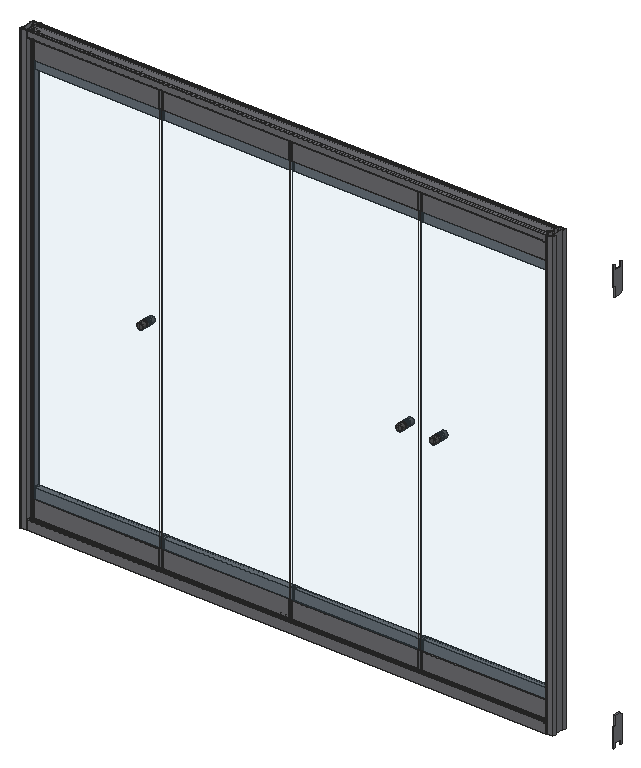
Revit family "QFL4 LH", category Doors, host Wall, Revit 2024 (continued)
Automatic sketch dimensions
  Revolve 24 sketch curve to host wall = 5.496 mm
  Revolve 24 sketch curve to Revolve 24 sketch curve = 5 mm
  Revolve 24 sketch curve to Revolve 24 sketch curve = 16 mm
  Revolve 24 sketch curve to Revolve 24 sketch curve = 1 mm  (x2)
  level to Revolve 24 sketch curve = 1045 mm
  Revolve 24 sketch curve to Revolve 24 sketch curve = 10 mm
  Revolve 24 sketch curve to Revolve 24 sketch curve = 14 mm
  Revolve 24 sketch curve to Revolve 24 sketch curve = 0 mm  (x3)
  host wall to Revolve 25 sketch curve = 10.504 mm
  Revolve 25 sketch curve to Revolve 25 sketch curve = 3 mm
  Revolve 25 sketch curve to Revolve 25 sketch curve = 5 mm  (x2)
  Revolve 25 sketch curve to Revolve 25 sketch curve = 16 mm
  Revolve 25 sketch curve to Revolve 25 sketch curve = 1 mm  (x2)
  plane 5 to Revolve 25 sketch curve = 1038 mm
  Revolve 25 sketch curve to Revolve 25 sketch curve = 0 mm  (x4)
  Revolve 25 sketch curve to Revolve 25 sketch curve = 14 mm
  curve 14 to plane 3 "Left" = 153.328 mm
  curve 12 to curve 13 = 139.078 mm
  curve 11 to curve 8 = 468.422 mm
  curve 8 to curve 8 = 139.078 mm
  plane 2 "Center (Left/Right)" to curve 6 = 119.328 mm
  curve 4 to curve 5 = 139.078 mm
  level to curve 14 = 992.809 mm
  curve 9 to curve 13 = 0 mm
  curve 6 to curve 9 = 0 mm
  curve 5 to curve 6 = 56.191 mm
  curve 13 to curve 14 = 56.191 mm
  curve 10 to curve 8 = 56.191 mm
  curve 13 to curve 12 = 112.382 mm
  curve 5 to curve 5 = 112.382 mm
  curve 9 to curve 9 = 112.382 mm
  curve 11 to curve 11 = 175 mm
  curve 7 to plane 2 "Center (Left/Right)" = 174.095 mm
  curve 3 to curve 3 = 175 mm
  curve 7 to curve 8 = 56.191 mm
  curve 3 to curve 4 = 56.191 mm
  curve 11 to curve 12 = 56.191 mm
  curve 21 to plane 3 "Left" = 28.61 mm
  curve 19 to plane 3 "Left" = 300.895 mm
  curve 15 to curve 17 = 38.105 mm
  curve 16 to curve 20 = 38.105 mm
  curve 17 to host wall = 37.5 mm
  curve 21 to curve 17 = 544.569 mm
  curve 26 to host wall = 37.5 mm
  curve 18 to curve 26 = 38.105 mm
  curve 25 to plane 2 "Center (Left/Right)" = 327.326 mm
  plane 4 "Right" to curve 28 = 339 mm
  curve 28 to curve 29 = 38.105 mm
  plane 4 "Right" to curve 30 = 28.61 mm
  curve 23 to curve 24 = 22 mm
  curve 27 to host wall = 15.5 mm
  curve 21 to host wall = 15.5 mm
  host wall to curve 29 = 434.111 mm
  curve 16 to host wall = 22.496 mm
  curve 28 to host wall = 22.496 mm
